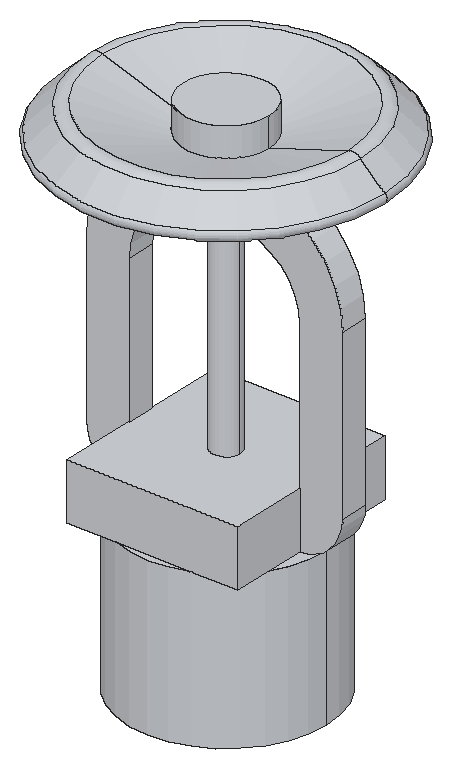
Revit family
Parameters (values of type "RASCO F1FR56 CONVENTIONAL")
  URL = ""
  Temperature Rating = 135 °F
  Response = 1
  RASCO SIN # = "RA1475"
  RASCO Part # = "F1FR56C0W"
  Pressure Rating = "175 PSI"
  Pressure Class = (empty or 0)
  Orifice Size = 1/2"
  Orifice = (empty or 0)
  Model = "F1FR56"
  Manufacturer = "RASCO"
  K-Factor = 5.6
  Description = "White Finish"
  Coverage = (empty or 0)
Reference planes (in)
  plane 1 "Center (Front/Back)": y = 0
  plane 2: z = 0
  plane 3 "Center (Left/Right)": x = 0
Nested families (in)
  nested 1: "F1FR56C0W" at (0, 0, 0), type "RASCO  F1FR56 CONVENTIONAL"
Connectors (in)
  piping at (0, 0, 0)
    settings: on nested 1, index 1, connector radius 115/256", flow factor 0, pipe flow 0 GPM, pressure drop 0.00 psi, fitting loss kfactor 0, connector angle 0.00°, fixture units 0, flow configuration 0, flow direction 0, fitting loss method 0, system type 7, connector reference index -1, connector utility 0, adjustable connector no, is connector primary yes, fitting loss table "", connector description ""
Definition of nested family "F1FR56C0W"
  Parameters (values of type "RASCO  F1FR56 CONVENTIONAL")
    Type Comments = ""
    Temperature Rating = 0 °F
    Response = (empty or 0)
    Pressure Rating = "0"
    Pressure Class = (empty or 0)
    Orifice Size = 0"
    Orifice = (empty or 0)
    Model = ""
    Manufacturer = ""
    K-Factor = 0
    Description = ""
    Coverage = (empty or 0)
    Assembly Code = ""
  Reference planes (in)
    plane 1 "Center (Front/Back)": y = 0
    plane 2: z = 0
    plane 3 "ref.2": z = 0.6875
    plane 4 "ref.3": z = 0.9375
    plane 5: x = -0.38065
    plane 6: x = 0.36935
    plane 7 "ref. side 1": y = 0.06402
    plane 8 "ref. side 2": y = -0.06098
    plane 9 "ref.4": z = 1.875
    plane 10 "ref.5": z = 2.3125
    plane 11 "ref.6": z = 2.4375
    plane 12 "NAME": y = -0.40473
  Forms (in)
    Extrusion 1, solid
      sketch origin (0, 0, 0) x (1, 0, 0) y (0, 1, 0)
        loop
          circle (0, 0) r 0.4375
      from 0 to 0.6875
    Extrusion 2, solid
      sketch origin (-0.12185, 0.05177, 0.6875) x (1, 0, 0) y (0, 1, 0)
        loop
          line (-0.2588, 0.356) -> (-0.2588, -0.4565) -> (0.4912, -0.4565) -> (0.4912, 0.356) -> (-0.2588, 0.356)
      from 0 to 0.25
    Extrusion 3, solid
      sketch origin (0, 0, 0) x (1, 0, 0) y (0, 0, 1)
        loop
          line (-0.38065, 0.68754) -> (-0.38065, 1.58397)
          arc (-0.38065, 1.58397) -> (-0.29541, 1.78976) -> (-0.08962, 1.875) r 0.29103
          line (-0.08962, 1.875) -> (0.07524, 1.875)
          arc (0.07524, 1.875) -> (0.28321, 1.78886) -> (0.36935, 1.58089) r 0.29411
          line (0.36935, 1.58089) -> (0.36935, 0.68751)
          arc (0.36935, 0.68751) -> (0.50207, 0.74393) -> (0.55685, 0.87734) r 0.18984
          line (0.55685, 0.87734) -> (0.55685, 1.61676)
          arc (0.55685, 1.61676) -> (0.42629, 1.93194) -> (0.11111, 2.0625) r 0.44574
          line (0.11111, 2.0625) -> (-0.12259, 2.0625)
          arc (-0.12259, 2.0625) -> (-0.43765, 1.932) -> (-0.56815, 1.61694) r 0.44556
          line (-0.56815, 1.61694) -> (-0.56815, 0.87876)
          arc (-0.56815, 0.87876) -> (-0.51345, 0.74486) -> (-0.38065, 0.68754) r 0.19126
      from -0.06402 to 0.06098
    Extrusion 4, solid
      sketch origin (0, 0, 0.9375) x (-1, 0, 0) y (0, -1, 0)
        loop
          circle (0.00574, -0.00152) r 0.0625
      from 0 to 0.9375
    Extrusion 5, solid
      sketch origin (0, 0, 1.875) x (-1, 0, 0) y (0, -1, 0)
        loop
          circle (0.00574, -0.00152) r 0.1875
      from 0 to 0.4375
    Revolve 6, solid
      sketch origin (0, 0, -0.12636) x (1, 0, 0) y (0, 0, 1)
        loop
          line (-0.19416, 2.3128) -> (-0.54596, 2.42711)
          arc (-0.54596, 2.42711) -> (-0.57581, 2.42836) -> (-0.602, 2.41398) r 0.05558
          line (-0.602, 2.41398) -> (-0.70574, 2.3125)
          arc (-0.70574, 2.3125) -> (-0.70595, 2.27395) -> (-0.66741, 2.27416) r 0.02711
          line (-0.66741, 2.27416) -> (-0.59051, 2.35106)
          arc (-0.59051, 2.35106) -> (-0.56422, 2.36578) -> (-0.5341, 2.3646) r 0.05551
          line (-0.5341, 2.3646) -> (-0.19416, 2.25415) -> (-0.19416, 2.3128)
        axis (-0.00574, 2.42711) -> (-0.00574, 2.25415)
      angle from 0 to 360
  Cuts and joins
    joined: Extrusion 1, Extrusion 2, Extrusion 4
  Lines and regions (in)
    model lines
      curve 1: line (-0.00574, 0.06402, 1.875) -> (-0.00574, -0.06098, 1.875)
